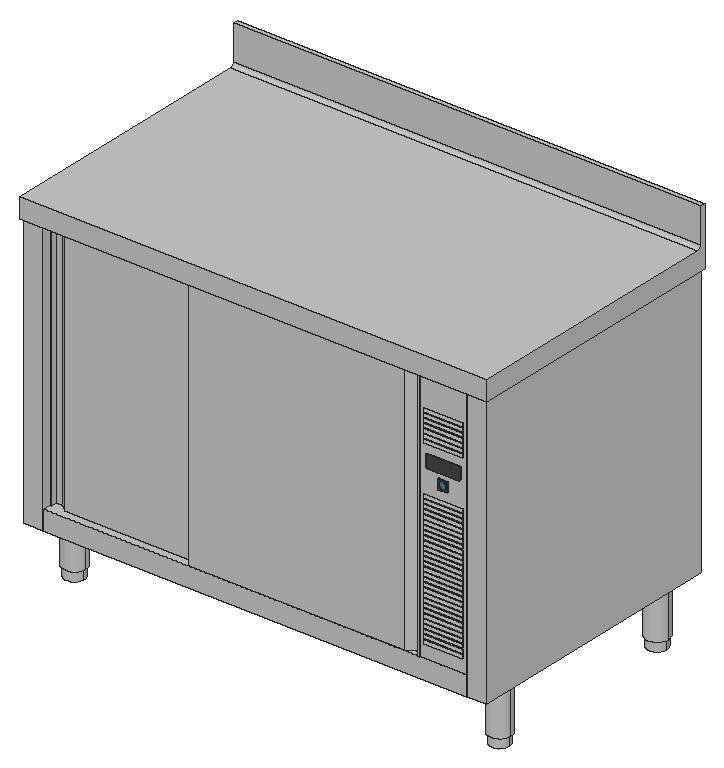
Revit family "QF_ELECTROLUXPROFESSIONAL_133093_TC1210EN", category Attrezzature speciali, Revit 2020
Family settings
  Quota connettore circolare = Usa diametro
  Tipo di parte = Normale
  Basato su piano di lavoro = No
  Sempre verticale = Sì
  Taglio con vuoti quando caricato = No
  Condiviso = No
  Punto di calcolo locali = No
Parameters (values of type "Standard")
  Weight = 55.00 kg
  Watts = 2400 W
  Volts = 220 V
  URL Manufacturer = "https://www.electroluxprofessional.com/"
  URL = "https://www.electroluxprofessional.com/"
  Steam Supply Size = 0 mm
  Steam Supply Minimum Pressure = 0.0 Pa
  Steam Supply Maximum Pressure = 0.0 Pa
  Steam Consumption per Hour = 0
  Refrigeration Suction Line Size = 0.0 mm
  Refrigeration Liquid Line Size = 0.0 mm
  Refrigerant Compressor Remote = yes
  Prospetto di default = 0.0 mm
  Produttore = "Electrolux Professional"
  Phase = 1
  Modello = "TC1210EN"
  Length Actual = 1200.0 mm  # constant formula
  Item Number = "133093"
  Hot Water Size = 0 mm
  Height Actual = 1000.0 mm  # constant formula
  HP = "3.2 HP"
  Gas Size = 0 mm
  Gas KW = 0
  Gas Input Pressure = 0 W
  Direct Waste Size = 0 mm
  Descrizione = "HOT CUPBOARD WITH UPSTAND 1200 MM"
  Depth Actual = 700.0 mm  # constant formula
  Cycle = 50 Hz
  Condensate Return Size = 0 mm
  Compressed Air Volume = 0.0 L/s
  Compressed Air Size = 0 mm
  Compressed Air Pressure = 0.0 Pa
  Cold Water Size = 0 mm
  Accessory = yes
Reference planes
  plane 1 "Center (Front/Back)": y = 0
  plane 2: z = 0
  plane 3 "Center (Left/Right)": x = -100
  plane 4 "LEFT": x = -700
  plane 5 "RIGHT": x = 500
  plane 6 "BACK": y = 350
  plane 7 "FRONT": y = -350
  plane 8 "Base": z = 850
  plane 9 "TOP": z = 900
  plane 10: x = -646.5
  plane 11: x = 446.5
  plane 12: y = 264.5
  plane 13: y = -241.5
  plane 14 "BodyLeft": x = -694.5
  plane 15 "BodyFront": y = -344.5
  plane 16 "BodyRight": x = 494.5
  plane 17 "BodyBack": y = 344.5
  plane 18 "FEET": z = 150
  plane 19: x = 324.5
  plane 20: x = -161
  plane 21: x = 444.5
  plane 22 "EIx": x = 400
  plane 23 "EIy": y = -170
Forms (mm)
  Extrusion 1, solid, material "QF_Finishes_Stainless Steel"
    sketch origin (-100, 0, 0) x (0, 1, 0) y (0, 0, 1)
      loop
        line (-350, 850) -> (350, 850) -> (350, 1000) -> (337, 1000) -> (337, 910)
        arc (337, 910) -> (334.071, 902.929) -> (327, 900) r 10
        line (327, 900) -> (-350, 900) -> (-350, 850)
    from 600 to -600
  Extrusion 2, solid, material "QF_Finishes_Stainless Steel"
    sketch origin (0, 0, 150) x (-1, 0, 0) y (0, -1, 0)
      loop
        line (694.5, -344.5) -> (694.5, 344.5) -> (644.5, 344.5) -> (644.5, -344.5) -> (694.5, -344.5)
      loop
        line (-444.5, -344.5) -> (-444.5, 344.5) -> (-494.5, 344.5) -> (-494.5, -344.5) -> (-444.5, -344.5)
    from 0 to 700
  Extrusion 3, solid, material "QF_Finishes_Stainless Steel"
    sketch origin (0, 0, 150) x (-1, 0, 0) y (0, -1, 0)
      loop
        line (644.5, -344.5) -> (644.5, 344.5) -> (-444.5, 344.5) -> (-444.5, -344.5) -> (644.5, -344.5)
    from 0 to 50
  Extrusion 4, solid, material "QF_Finishes_Stainless Steel"
    sketch origin (-1, 0, 150) x (-1, 0, 0) y (0, -1, 0)
      loop
        line (-325.5, 344.5) -> (-325.5, 324.5) -> (270.5, 324.5) -> (270.5, 344.5) -> (-285.5, 344.5) -> (-305.5, 329.5) -> (-320.5, 329.5) -> (-320.5, 344.5) -> (-325.5, 344.5)
    from 50 to 700
  Extrusion 5, solid, material "QF_Finishes_Stainless Steel"
    sketch origin (1, 20, 150) x (1, 0, 0) y (0, 1, 0)
      loop
        line (-645.5, -344.5) -> (-640.5, -344.5) -> (-640.5, -329.5) -> (-625.5, -329.5) -> (-605.5, -344.5) -> (-51.5, -344.5) -> (-51.5, -324.5) -> (-645.5, -324.5) -> (-645.5, -344.5)
    from 50 to 700
  Extrusion 6, solid, material "QF_Finishes_Stainless Steel"
    sketch origin (0, 0, 0) x (1, 0, 0) y (0, 1, 0)
      loop
        line (-644.5, -304.5) -> (324.5, -304.5) -> (324.5, 324.5) -> (-644.5, 324.5) -> (-644.5, -304.5)
    from 500 to 540
  Extrusion 7, solid, material "QF_Finishes_Stainless Steel"
    sketch origin (0, 0, 0) x (1, 0, 0) y (0, 1, 0)
      loop
        line (444.5, 344.5) -> (-644.5, 344.5) -> (-644.5, 324.5) -> (444.5, 324.5) -> (444.5, 344.5)
    from 200 to 850
  Extrusion 8, solid, material "QF_Finishes_Stainless Steel"
    sketch origin (0, 0, 150) x (-1, 0, 0) y (0, -1, 0)
      loop
        circle (-400, 170) r 10
    from 0 to -5
Cuts and joins
  joined: Extrusion 3, Extrusion 7
Lines and regions (mm)
  symbolic lines
    curve 1: line (500, 350, 900) -> (-700, 350, 900)
    curve 2: line (-700, 350, 900) -> (-700, -350, 900)
    curve 3: line (-700, -350, 900) -> (500, -350, 900)
    curve 4: line (500, -350, 900) -> (500, 350, 900)
    curve 15: line (500, 337, 900) -> (-700, 337, 900)
  symbolic lines, style "SpecialityEquipmentHiddenLines"
    curve 5: line (-694.5, 344.5, 150) -> (494.5, 344.5, 150)
    curve 6: line (-694.5, -344.5, 150) -> (-694.5, 344.5, 150)
    curve 7: line (494.5, -344.5, 150) -> (-694.5, -344.5, 150)
    curve 8: line (494.5, 344.5, 150) -> (494.5, -344.5, 150)
    curve 9: line (-645.5, -304.5, 150) -> (-49.5, -304.5, 150)
    curve 10: line (-49.5, -304.5, 150) -> (-49.5, -324.5, 150)
    curve 11: line (-645.5, -324.5, 150) -> (324.5, -324.5, 150)
    curve 12: line (324.5, -324.5, 150) -> (324.5, -344.5, 150)
    curve 13: line (-645.5, -304.5, 150) -> (-645.5, -324.5, 150)
    curve 14: line (-271.5, -344.5, 0) -> (-271.5, -324.5, 0)
Dimensions and locks
  plane 4 "LEFT" to plane 5 "RIGHT" = 1200.0 mm
  equal spacing: plane 4 "LEFT", plane 3 "Center (Left/Right)", plane 5 "RIGHT"
  locked: plane 8 "Base" to level at 850
  plane 9 "TOP" to level = 900.0 mm
  plane 6 "BACK" to plane 7 "FRONT" = 700.0 mm
  equal spacing: plane 6 "BACK", plane 1 "Center (Front/Back)", plane 7 "FRONT"
  locked: plane 4 "LEFT" to plane 14 "BodyLeft" at 5.5
  locked: plane 16 "BodyRight" to plane 5 "RIGHT" at 5.5
  locked: plane 15 "BodyFront" to plane 7 "FRONT" at 5.5
  locked: plane 6 "BACK" to plane 17 "BodyBack" at 5.5
  locked: plane 14 "BodyLeft" to plane 10 at 48
  locked: plane 11 to plane 16 "BodyRight" at 48
  locked: plane 13 to plane 15 "BodyFront" at 103
  locked: plane 17 "BodyBack" to plane 12 at 80
  plane 10 to plane 11 = 1093.0 mm
  plane 12 to plane 13 = 506.0 mm
  locked: plane 14 "BodyLeft" to Extrusion 2 sketch curve at 50
  locked: Extrusion 2 sketch curve to Extrusion 2 sketch curve at 50
  equal spacing: plane 10, plane 20, plane 19
  locked: plane 21 to plane 16 "BodyRight" at 50
  locked: plane 19 to plane 21 at 120
  locked: Extrusion 4 sketch curve to plane 20 at 110.5
  locked: plane 20 to Extrusion 5 sketch curve at 110.5
  locked: plane 18 "FEET" to level at 150
  locked: plane 22 "EIx" to plane 5 "RIGHT" at 100
  plane 23 "EIy" to plane 7 "FRONT" = 180.0 mm
  locked: Extrusion 1 to level at 1000
  aligned and locked: level to plane 2
  aligned and locked: plane 10 to nested 1
  aligned and locked: nested 1 to plane 13
  aligned and locked: plane 11 to nested 2
  aligned and locked: nested 2 to plane 13
  aligned and locked: plane 11 to nested 4
  aligned and locked: nested 4 to plane 12
  aligned and locked: plane 10 to nested 3
  aligned and locked: nested 3 to plane 12
  aligned and locked: Extrusion 1 to plane 4 "LEFT"
  aligned and locked: plane 5 "RIGHT" to Extrusion 1
  aligned and locked: curve 2 to plane 4 "LEFT"
  aligned and locked: plane 17 "BodyBack" to Extrusion 2 sketch curve
  aligned and locked: Extrusion 2 sketch curve to plane 15 "BodyFront"
  aligned and locked: Extrusion 2 sketch curve to plane 14 "BodyLeft"
  aligned and locked: plane 16 "BodyRight" to Extrusion 2 sketch curve
  aligned and locked: Extrusion 2 sketch curve to plane 17 "BodyBack"
  aligned and locked: plane 15 "BodyFront" to Extrusion 2 sketch curve
  aligned and locked: Extrusion 3 sketch curve to plane 17 "BodyBack"
  aligned and locked: plane 15 "BodyFront" to Extrusion 3 sketch curve
  aligned and locked: plane 8 "Base" to Extrusion 2
  aligned and locked: plane 8 "Base" to Extrusion 4
  aligned and locked: Extrusion 4 to Extrusion 3
  aligned and locked: Extrusion 1 to plane 8 "Base"
  aligned and locked: plane 9 "TOP" to Extrusion 1
  aligned and locked: curve 5 to plane 17 "BodyBack"
  aligned and locked: plane 14 "BodyLeft" to curve 6
  aligned and locked: plane 15 "BodyFront" to curve 7
  aligned and locked: plane 16 "BodyRight" to curve 8
  aligned and locked: Extrusion 3 to Extrusion 2  (x2)
  aligned and locked: Extrusion 6 sketch curve to Extrusion 2
  aligned and locked: Extrusion 6 sketch curve to Extrusion 5
  aligned and locked: nested 5 to plane 21
  aligned and locked: Extrusion 7 sketch curve to Extrusion 2
  aligned and locked: Extrusion 6 sketch curve to plane 19
Automatic sketch dimensions
  Extrusion 8 sketch curve to plane 22 "EIx" = 0.0 mm
  Extrusion 8 sketch curve to plane 23 "EIy" = 0.0 mm
  curve 14 to plane 15 "BodyFront" = 0.0 mm
  plane 15 "BodyFront" to curve 14 = 20.0 mm
  curve 14 to plane 20 = 110.5 mm
  curve 3 to plane 7 "FRONT" = 0.0 mm
  curve 15 to plane 5 "RIGHT" = 0.0 mm
  curve 4 to plane 6 "BACK" = 0.0 mm
  curve 15 to plane 17 "BodyBack" = 7.5 mm
  Extrusion 1 sketch curve to plane 7 "FRONT" = 0.0 mm
  Extrusion 1 sketch curve to plane 9 "TOP" = 0.0 mm
  Extrusion 1 sketch curve to plane 6 "BACK" = 0.0 mm
  Extrusion 1 sketch curve to plane 8 "Base" = 0.0 mm
  Extrusion 1 sketch curve to plane 17 "BodyBack" = 17.5 mm
  Extrusion 1 sketch curve to plane 17 "BodyBack" = 7.5 mm
  Extrusion 1 sketch curve to Extrusion 1 sketch curve = 90.0 mm
  Extrusion 3 sketch curve to plane 21 = 0.0 mm
  plane 10 to Extrusion 3 sketch curve = 2.0 mm
  Extrusion 4 sketch curve to plane 19 = 0.0 mm
  Extrusion 4 sketch curve to plane 15 "BodyFront" = 0.0 mm  (x2)
  Extrusion 4 sketch curve to Extrusion 4 sketch curve = 5.0 mm
  Extrusion 4 sketch curve to Extrusion 4 sketch curve = 15.0 mm  (x2)
  Extrusion 4 sketch curve to Extrusion 4 sketch curve = 20.0 mm  (x2)
  Extrusion 5 sketch curve to plane 15 "BodyFront" = 20.0 mm  (x2)
  Extrusion 5 sketch curve to plane 10 = 42.0 mm
  Extrusion 5 sketch curve to plane 10 = 22.0 mm
  Extrusion 5 sketch curve to plane 10 = 7.0 mm
  Extrusion 5 sketch curve to plane 10 = 2.0 mm
  Extrusion 5 sketch curve to Extrusion 5 sketch curve = 15.0 mm
  Extrusion 5 sketch curve to Extrusion 5 sketch curve = 20.0 mm
  curve 12 to plane 19 = 0.0 mm
  curve 7 to plane 15 "BodyFront" = 0.0 mm
  plane 3 "Center (Left/Right)" to curve 10 = 50.5 mm
  plane 10 to curve 13 = 1.0 mm
  plane 15 "BodyFront" to curve 9 = 40.0 mm
  plane 15 "BodyFront" to curve 11 = 20.0 mm
  Extrusion 6 sketch curve to plane 17 "BodyBack" = 20.0 mm
  Extrusion 7 sketch curve to plane 21 = 0.0 mm
  Extrusion 7 sketch curve to plane 17 "BodyBack" = 0.0 mm
  Extrusion 7 sketch curve to Extrusion 7 sketch curve = 20.0 mm
  radius of Extrusion 8 sketch curve = 10.0 mm
Nested families
  nested 1: "FEET_D58-150" at (-646.5, -241.5, 0), type "FEET_D58-150"
  nested 2: "FEET_D58-150" at (446.5, -241.5, 0), type "FEET_D58-150"
  nested 3: "FEET_D58-150" at (-646.5, 264.5, 0), type "FEET_D58-150"
  nested 4: "FEET_D58-150" at (446.5, 264.5, 0), type "FEET_D58-150"
  nested 5: "WT_PNL120x650" at (531.42, -304.5, 600) x (1, 0, 0) z (0, -1, 0), type "WT_PNL120x650"
    with Show Logo yes
Connectors
  electrical at (400, -170, 145)
    settings: on Extrusion 8, index 1, voltage 0 V, apparent load 0 VA, apparent load phase1 0 VA, apparent load phase2 0 VA, apparent load phase3 0 VA, power factor 1, load classification "Other", number of poles 1, system type 30, power factor state 1, is connector primary yes, connector utility no, sub classification motor no, connector description "Electrical connection"
Definition of nested family "FEET_D58-150"
  Parameters
    Default Elevation = 0.0 mm
    FEET = 150.0 mm
  Reference planes
    plane 1 "Center (Front/Back)": y = 0
    plane 2: z = 0
    plane 3 "Center (Left/Right)": x = 0
    plane 4: z = 150
  Forms (mm)
    Extrusion 1, solid
      sketch origin (0, 0, 0) x (1, 0, 0) y (0, 1, 0)
        loop
          circle (0, 0) r 25
      from 0 to 25
    Extrusion 2, solid
      sketch origin (0, 0, 0) x (1, 0, 0) y (0, 1, 0)
        loop
          circle (0.061, 0) r 29
      from 25 to 150 <- "FEET"
  Lines and regions (mm)
    symbolic lines
      curve 1: line (0, -1.503, 0) -> (0, 1.508, 0)
      curve 2: line (1.561, 0, 0) -> (-1.439, 0, 0)
  Dimensions and locks
    "FEET": plane 4 to plane 2
    aligned and locked: level to plane 2
  Automatic sketch dimensions
    plane 1 "Center (Front/Back)" to Extrusion 1 sketch curve = 0.0 mm
    Extrusion 1 sketch curve to plane 3 "Center (Left/Right)" = 0.0 mm
    plane 1 "Center (Front/Back)" to curve 2 = 0.0 mm
    curve 1 to plane 3 "Center (Left/Right)" = 0.0 mm
    curve 2 to plane 3 "Center (Left/Right)" = 1.439 mm
    plane 3 "Center (Left/Right)" to curve 2 = 1.561 mm
    plane 1 "Center (Front/Back)" to curve 1 = 1.503 mm
    curve 1 to plane 1 "Center (Front/Back)" = 1.508 mm
    plane 1 "Center (Front/Back)" to Extrusion 2 sketch curve = 0.0 mm
    plane 3 "Center (Left/Right)" to Extrusion 2 sketch curve = 0.061 mm
    radius of Extrusion 1 sketch curve = 25.0 mm
    radius of Extrusion 2 sketch curve = 29.0 mm
Definition of nested family "WT_PNL120x650"
  Parameters
    Show Logo [instance] = yes
    Default Elevation = 1219.2 mm
  Reference planes
    plane 1 "Center (Front/Back)": y = -75
    plane 2: z = 0
    plane 3 "Center (Left/Right)": x = -146.92
    plane 4: x = -206.92
    plane 5: x = -86.92
    plane 6: y = 250
    plane 7: y = -400
    plane 8 "TOP": z = 40
  Forms (mm)
    Extrusion 1, solid
      sketch origin (0, 0, 0) x (1, 0, 0) y (0, 1, 0)
        loop
          line (-1219.2, 1219.2) -> (-1219.2, -1219.2) -> (1219.2, -1219.2) -> (1219.2, 1219.2) -> (-1219.2, 1219.2)
      from 0 to -304.8
    Extrusion 2, solid
      sketch origin (0, 0, 0) x (1, 0, 0) y (0, 1, 0)
        loop
          line (-206.92, 250) -> (-206.92, -400) -> (-86.92, -400) -> (-86.92, 250) -> (-206.92, 250)
      from 0 to 40
    Extrusion 3, void
      sketch origin (0, 0, 40) x (-1, 0, 0) y (0, -1, 0)
        loop
          arc (101.92, -68.899) -> (103.795, -73.256) -> (108.247, -74.89) r 6
          line (108.247, -74.89) -> (185.92, -74.89)
          arc (185.92, -74.89) -> (190.163, -73.133) -> (191.92, -68.89) r 6
          line (191.92, -68.89) -> (191.92, -45.89)
          arc (191.92, -45.89) -> (190.163, -41.648) -> (185.92, -39.89) r 6
          line (185.92, -39.89) -> (107.92, -39.89)
          arc (107.92, -39.89) -> (103.677, -41.648) -> (101.92, -45.89) r 6
          line (101.92, -45.89) -> (101.92, -68.899)
        loop
          line (158.92, -27.89) -> (158.92, -2.89) -> (134.92, -2.89) -> (134.92, -27.89) -> (158.92, -27.89)
      from -2 to 0
    Extrusion 4, solid
      sketch origin (0, 0, 40) x (-1, 0, 0) y (0, -1, 0)
        loop
          line (185.92, -39.89) -> (107.92, -39.89)
          arc (107.92, -39.89) -> (103.677, -41.648) -> (101.92, -45.89) r 6
          line (101.92, -45.89) -> (101.92, -68.899)
          arc (101.92, -68.899) -> (103.795, -73.256) -> (108.247, -74.89) r 6
          line (108.247, -74.89) -> (185.92, -74.89)
          arc (185.92, -74.89) -> (190.163, -73.133) -> (191.92, -68.89) r 6
          line (191.92, -68.89) -> (191.92, -45.89)
          arc (191.92, -45.89) -> (190.163, -41.648) -> (185.92, -39.89) r 6
      from -2 to 1
    Extrusion 5, solid
      sketch origin (-146.92, 0, 0) x (0, 1, 0) y (0, 0, 1)
        loop
          line (95.896, 40) -> (104.899, 40) -> (95.896, 41.206) -> (95.896, 40)
        loop
          line (107.896, 40) -> (116.899, 40) -> (107.896, 41.206) -> (107.896, 40)
        loop
          line (119.896, 40) -> (128.899, 40) -> (119.896, 41.206) -> (119.896, 40)
        loop
          line (131.896, 40) -> (140.899, 40) -> (131.896, 41.206) -> (131.896, 40)
        loop
          line (143.896, 40) -> (152.899, 40) -> (143.896, 41.206) -> (143.896, 40)
        loop
          line (155.896, 40) -> (164.899, 40) -> (155.896, 41.206) -> (155.896, 40)
        loop
          line (167.896, 40) -> (176.899, 40) -> (167.896, 41.206) -> (167.896, 40)
        loop
          line (-102.104, 40) -> (-93.101, 40) -> (-102.104, 41.206) -> (-102.104, 40)
        loop
          line (-90.104, 40) -> (-81.101, 40) -> (-90.104, 41.206) -> (-90.104, 40)
        loop
          line (-78.104, 40) -> (-69.101, 40) -> (-78.104, 41.206) -> (-78.104, 40)
        loop
          line (-66.104, 40) -> (-57.101, 40) -> (-66.104, 41.206) -> (-66.104, 40)
        loop
          line (-54.104, 40) -> (-45.101, 40) -> (-54.104, 41.206) -> (-54.104, 40)
        loop
          line (-42.104, 40) -> (-33.101, 40) -> (-42.104, 41.206) -> (-42.104, 40)
        loop
          line (-30.104, 40) -> (-21.101, 40) -> (-30.104, 41.206) -> (-30.104, 40)
        loop
          line (-174.104, 40) -> (-165.101, 40) -> (-174.104, 41.206) -> (-174.104, 40)
        loop
          line (-162.104, 40) -> (-153.101, 40) -> (-162.104, 41.206) -> (-162.104, 40)
        loop
          line (-150.104, 40) -> (-141.101, 40) -> (-150.104, 41.206) -> (-150.104, 40)
        loop
          line (-138.104, 40) -> (-129.101, 40) -> (-138.104, 41.206) -> (-138.104, 40)
        loop
          line (-126.104, 40) -> (-117.101, 40) -> (-126.104, 41.206) -> (-126.104, 40)
        loop
          line (-114.104, 40) -> (-105.101, 40) -> (-114.104, 41.206) -> (-114.104, 40)
        loop
          line (-246.104, 40) -> (-237.101, 40) -> (-246.104, 41.206) -> (-246.104, 40)
        loop
          line (-234.104, 40) -> (-225.101, 40) -> (-234.104, 41.206) -> (-234.104, 40)
        loop
          line (-222.104, 40) -> (-213.101, 40) -> (-222.104, 41.206) -> (-222.104, 40)
        loop
          line (-210.104, 40) -> (-201.101, 40) -> (-210.104, 41.206) -> (-210.104, 40)
        loop
          line (-198.104, 40) -> (-189.101, 40) -> (-198.104, 41.206) -> (-198.104, 40)
        loop
          line (-186.104, 40) -> (-177.101, 40) -> (-186.104, 41.206) -> (-186.104, 40)
        loop
          line (-318.104, 40) -> (-309.101, 40) -> (-318.104, 41.206) -> (-318.104, 40)
        loop
          line (-306.104, 40) -> (-297.101, 40) -> (-306.104, 41.206) -> (-306.104, 40)
        loop
          line (-294.104, 40) -> (-285.101, 40) -> (-294.104, 41.206) -> (-294.104, 40)
        loop
          line (-282.104, 40) -> (-273.101, 40) -> (-282.104, 41.206) -> (-282.104, 40)
        loop
          line (-270.104, 40) -> (-261.101, 40) -> (-270.104, 41.206) -> (-270.104, 40)
        loop
          line (-258.104, 40) -> (-249.101, 40) -> (-258.104, 41.206) -> (-258.104, 40)
        loop
          line (-366.104, 40) -> (-357.101, 40) -> (-366.104, 41.206) -> (-366.104, 40)
        loop
          line (-354.104, 40) -> (-345.101, 40) -> (-354.104, 41.206) -> (-354.104, 40)
        loop
          line (-342.104, 40) -> (-333.101, 40) -> (-342.104, 41.206) -> (-342.104, 40)
        loop
          line (-330.104, 40) -> (-321.101, 40) -> (-330.104, 41.206) -> (-330.104, 40)
      from -50 to 50
    Extrusion 6, solid
      sketch origin (0, 0, 40) x (-1, 0, 0) y (0, -1, 0)
        loop
          line (134.92, -27.89) -> (158.92, -27.89) -> (158.92, -2.89) -> (134.92, -2.89) -> (134.92, -27.89)
        loop
          circle (146.92, -15.39) r 9
      from -2 to 3
    Extrusion 7, solid
      sketch origin (0, 0, 40) x (-1, 0, 0) y (0, -1, 0)
        loop
          circle (146.92, -15.39) r 9
      from 0 to 3
  Cuts and joins
    Extrusion 3 cuts Extrusion 2
  Dimensions and locks
    equal spacing: plane 6, plane 1 "Center (Front/Back)", plane 7
    equal spacing: plane 4, plane 3 "Center (Left/Right)", plane 5
    plane 8 "TOP" to level = 40.0 mm
    aligned and locked: plane 2 to Extrusion 1
    aligned and locked: level to Extrusion 1
  Automatic sketch dimensions
    Extrusion 1 sketch curve to Extrusion 1 sketch curve = 2438.4 mm  (x2)
    Extrusion 2 sketch curve to plane 4 = 0.0 mm
    Extrusion 2 sketch curve to plane 5 = 0.0 mm
    Extrusion 2 sketch curve to plane 7 = 0.0 mm
    Extrusion 2 sketch curve to plane 6 = 0.0 mm
    Extrusion 5 sketch curve to plane 8 "TOP" = 0.0 mm  (x36)
    Extrusion 5 sketch curve to Extrusion 5 sketch curve = 9.003 mm  (x35)
    plane 8 "TOP" to Extrusion 5 sketch curve = 1.206 mm  (x22)
    Extrusion 5 sketch curve to Extrusion 5 sketch curve = 2.997 mm  (x33)
    plane 1 "Center (Front/Back)" to Extrusion 5 sketch curve = 6.101 mm
    plane 1 "Center (Front/Back)" to Extrusion 5 sketch curve = 3.104 mm
    Extrusion 5 sketch curve to plane 1 "Center (Front/Back)" = 5.899 mm
    Extrusion 5 sketch curve to Extrusion 5 sketch curve = 116.997 mm
    Extrusion 5 sketch curve to Extrusion 5 sketch curve = 1.206 mm  (x14)
    Extrusion 4 sketch curve to plane 5 = 15.0 mm
    Extrusion 4 sketch curve to Extrusion 4 sketch curve = 6.0 mm  (x3)
    Extrusion 4 sketch curve to Extrusion 4 sketch curve = 0.327 mm
    plane 4 to Extrusion 4 sketch curve = 21.0 mm  (x2)
    Extrusion 4 sketch curve to plane 1 "Center (Front/Back)" = 149.89 mm
    Extrusion 4 sketch curve to Extrusion 4 sketch curve = 23.009 mm
    Extrusion 3 sketch curve to plane 5 = 15.0 mm
    Extrusion 3 sketch curve to Extrusion 3 sketch curve = 6.0 mm  (x3)
    Extrusion 3 sketch curve to Extrusion 3 sketch curve = 0.327 mm
    plane 3 "Center (Left/Right)" to Extrusion 3 sketch curve = 12.0 mm
    Extrusion 3 sketch curve to plane 3 "Center (Left/Right)" = 12.0 mm
    plane 4 to Extrusion 3 sketch curve = 21.0 mm  (x2)
    Extrusion 3 sketch curve to plane 1 "Center (Front/Back)" = 149.89 mm
    Extrusion 3 sketch curve to Extrusion 3 sketch curve = 23.0 mm
    Extrusion 3 sketch curve to Extrusion 3 sketch curve = 12.0 mm
    Extrusion 3 sketch curve to Extrusion 3 sketch curve = 25.0 mm
    Extrusion 6 sketch curve to plane 3 "Center (Left/Right)" = 0.0 mm
    plane 3 "Center (Left/Right)" to Extrusion 6 sketch curve = 12.0 mm
    Extrusion 6 sketch curve to plane 3 "Center (Left/Right)" = 12.0 mm
    Extrusion 6 sketch curve to plane 1 "Center (Front/Back)" = 102.89 mm
    Extrusion 6 sketch curve to Extrusion 6 sketch curve = 12.5 mm  (x2)
    Extrusion 7 sketch curve to plane 3 "Center (Left/Right)" = 0.0 mm
    Extrusion 7 sketch curve to plane 1 "Center (Front/Back)" = 90.39 mm
    radius of Extrusion 6 sketch curve = 9.0 mm
    radius of Extrusion 7 sketch curve = 9.0 mm
